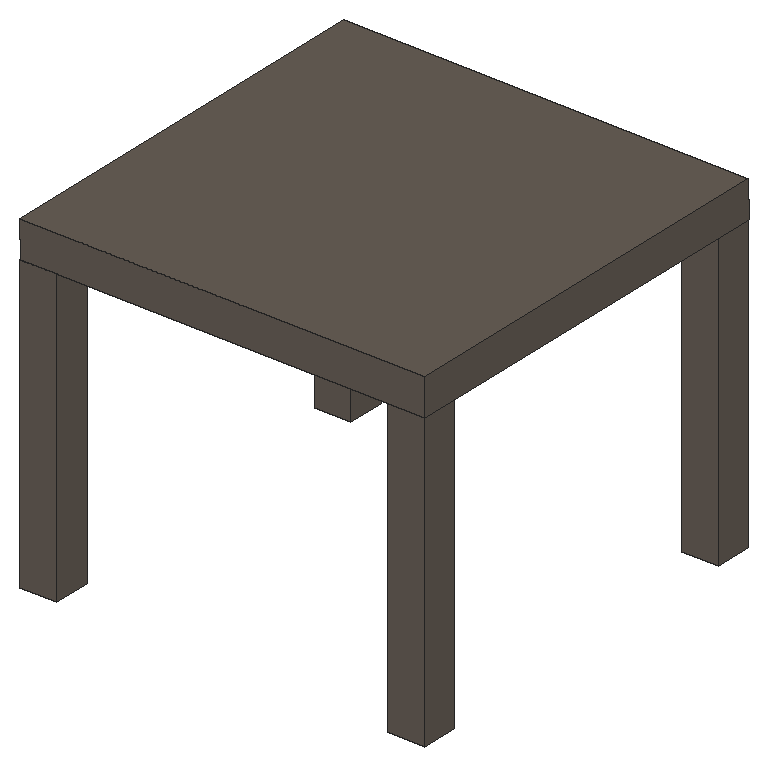
Revit family
Parameters (values of type "IKEA LACK Table 550 x 550 x 450 - Walnut")
  Top Material = Laminate - Walnut
  Model = "LACK"
  Manufacturer = "IKEA"
  Description = "20153073"
  Cost = 9.95
  Assembly Code = "E2020200"
  Height = 450 mm
  Length = 550 mm
  Width = 550 mm
Types (8, lengths in mm): name | Top Material | Model | Description | Cost
  IKEA LACK Table 550 x 550 x 450 - White | Laminate - Ivory,SemiGloss | "LACK" | "" | 9.95
  IKEA LACK Table 550 x 550 x 450 - Black | Laminate - Black,SemiGloss | "LACK" | "20011408\r\n20011408\r\n" | 9.95
  IKEA LACK Table 550 x 550 x 450 - Birch | Laminate - Birch | "LACK" | "40104270\r\n40104270\r\n40104270\r\n40104270" | 9.95
  IKEA LACK Table 550 x 550 x 450 - Green | Laminate - Birch | "LACK" | "00104267" | 9.95
  IKEA LACK Table 550 x 550 x 450 - Pink | Laminate - Birch | "LACK" | "" | 0
  IKEA LACK Table 550 x 550 x 450 - Yellow | Laminate - Birch | "LACK" | "80151311" | 9.95
  IKEA LACK Table 550 x 550 x 450 - Anthracite | Laminate - Anthracite,SemiGloss | "" | "80104268" | 9.95
  IKEA LACK Table 550 x 550 x 450 - Walnut | Laminate - Walnut | "LACK" | "20153073" | 9.95
Reference planes
  plane 1 "Center (Front/Back)": y = 95.211
  plane 2: z = 0
  plane 3 "Center (Left/Right)": x = 18.266
  plane 4 "Front": y = -179.789
  plane 5 "Left": x = -256.734
  plane 6 "Right": x = 293.266
  plane 7 "Back": y = 370.211
  plane 8 "Top": z = 450
  plane 9: z = 400
Forms (mm)
  Extrusion 1, solid, material "Laminate - Walnut" <- "Top Material"
    sketch origin (0, 0, 450) x (-1, 0, 0) y (0, -1, 0)
      loop
        line (256.734, -370.211) -> (256.734, 179.789) -> (-293.266, 179.789) -> (-293.266, -370.211) -> (256.734, -370.211)
    from -50 to 0
  Extrusion 2, solid, material "Laminate - Walnut" <- "Top Material"
    sketch origin (0, 0, 0) x (1, 0, 0) y (0, 1, 0)
      loop
        line (-256.734, -179.789) -> (-206.734, -179.789) -> (-206.734, -129.789) -> (-256.734, -129.789) -> (-256.734, -179.789)
    from 0 to 400
  Extrusion 3, solid, material "Laminate - Walnut" <- "Top Material"
    sketch origin (0, 190.422, 0) x (1, 0, 0) y (0, 1, 0)
      loop
        line (-256.734, 179.789) -> (-256.734, 129.789) -> (-206.734, 129.789) -> (-206.734, 179.789) -> (-256.734, 179.789)
    from 0 to 400
  Extrusion 4, solid, material "Laminate - Walnut" <- "Top Material"
    sketch origin (36.532, 0, 0) x (-1, 0, 0) y (0, -1, 0)
      loop
        line (-256.734, 179.789) -> (-256.734, 129.789) -> (-206.734, 129.789) -> (-206.734, 179.789) -> (-256.734, 179.789)
    from 0 to 400
  Extrusion 5, solid, material "Laminate - Walnut" <- "Top Material"
    sketch origin (36.532, 190.422, 0) x (-1, 0, 0) y (0, -1, 0)
      loop
        line (-256.734, -179.789) -> (-206.734, -179.789) -> (-206.734, -129.789) -> (-256.734, -129.789) -> (-256.734, -179.789)
    from 0 to 400
Dimensions and locks
  equal spacing: plane 5 "Left", plane 3 "Center (Left/Right)", plane 6 "Right"
  "Length": plane 5 "Left" to plane 6 "Right"
  equal spacing: plane 4 "Front", plane 1 "Center (Front/Back)", plane 7 "Back"
  "Width": plane 4 "Front" to plane 7 "Back"
  "Height": plane 2 to plane 8 "Top"
  plane 9 to plane 8 "Top" = 50 mm
  plane 5 "Left" to Extrusion 2 sketch curve = 50 mm
  plane 4 "Front" to Extrusion 2 sketch curve = 50 mm
  aligned and locked: Extrusion 1 to Extrusion 2 sketch curve
  aligned and locked: Extrusion 2 sketch curve to Extrusion 1
  aligned and locked: Extrusion 2 to Extrusion 1
  aligned and locked: Extrusion 3 to plane 7 "Back"
  aligned and locked: plane 5 "Left" to Extrusion 3
  aligned and locked: plane 5 "Left" to Extrusion 2
  aligned and locked: plane 4 "Front" to Extrusion 2
  aligned and locked: plane 4 "Front" to Extrusion 4
  aligned and locked: Extrusion 4 to plane 6 "Right"
  aligned and locked: Extrusion 5 to plane 7 "Back"
  aligned and locked: Extrusion 5 to plane 6 "Right"
  aligned and locked: Extrusion 3 to Extrusion 1
  aligned and locked: Extrusion 4 to Extrusion 1
  aligned and locked: Extrusion 5 to Extrusion 1
  aligned and locked: plane 9 to Extrusion 1
  aligned and locked: Extrusion 1 to plane 8 "Top"
Automatic sketch dimensions
  Extrusion 1 sketch curve to plane 6 "Right" = 0 mm
  Extrusion 1 sketch curve to plane 4 "Front" = 0 mm
  Extrusion 1 sketch curve to plane 5 "Left" = 0 mm
  Extrusion 1 sketch curve to plane 7 "Back" = 0 mm
  Extrusion 3 sketch curve to plane 5 "Left" = 0 mm
  Extrusion 3 sketch curve to plane 7 "Back" = 0 mm
  Extrusion 3 sketch curve to Extrusion 3 sketch curve = 50 mm  (x2)
  Extrusion 4 sketch curve to plane 6 "Right" = 0 mm
  Extrusion 4 sketch curve to plane 4 "Front" = 0 mm
  Extrusion 4 sketch curve to Extrusion 4 sketch curve = 50 mm
  plane 4 "Front" to Extrusion 4 sketch curve = 50 mm
  Extrusion 5 sketch curve to plane 6 "Right" = 0 mm
  Extrusion 5 sketch curve to plane 7 "Back" = 0 mm
  Extrusion 5 sketch curve to Extrusion 5 sketch curve = 50 mm
  plane 7 "Back" to Extrusion 5 sketch curve = 50 mm
